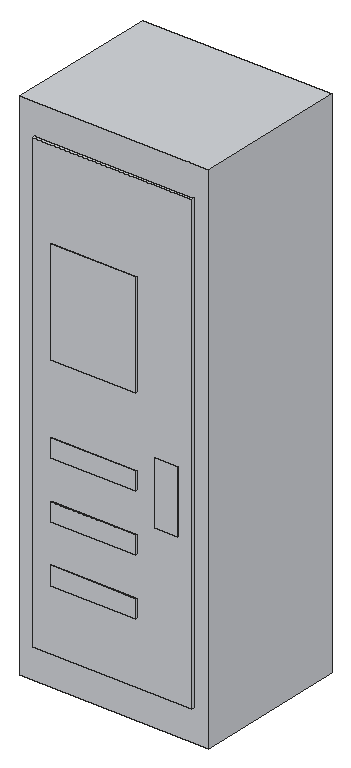
Revit family "GIS_ProtectionPanel", category Equipamento elétrico, Revit 2027
Family settings
  Configuração do painel = Duas colunas, circuitos transversais
  Cota do conector redondo = Utilizar diâmetro
  Tipo de parte = Painel de controle
  Com base no plano de trabalho = Não
  Sempre na vertical = Sim
  Corte com vazios quando carregada = Não
  Manter orientação da anotação = Não
  Compartilhado = Não
  Ponto de cálculo do ambiente = Não
Parameters (values of type "PROTECTION_PANEL_125VDC_STUDY")
  Default Elevation = 0 mm
  built-in parameter 1140142 [instance] = (empty or 0)
  built-in parameter 1140140 [instance] = 1 (stored number, unit not read)
  BIM_TensaoSecundaria_kV = 0
  BIM_TensaoNominal_kV = 0.125
  BIM_TensaoClasse_kV = 0.125
  BIM_TensaoClasseSecundaria_kV = 0
  BIM_Sistema_Elemento [instance] = ""
  BIM_ReferenciaCatalogo = "Portfolio study assumption: 125 V DC control supply; panel design and utility philosophy pending"
  BIM_Profundidade = 650 mm
  BIM_Potencia_MVA = 0
  BIM_Localizacao [instance] = ""
  BIM_Largura = 800 mm
  BIM_Impedancia_pu = 0
  BIM_FonteGeometria = "Portfolio study assumption: 125 V DC control supply; panel design and utility philosophy pending"
  BIM_Fabricante = "NAO SELECIONADO"
  BIM_EstadoGeometria = "ESTIMATED"
  BIM_EstadoEspecificacao = "PREMISSA / NAO SELECIONADO"
  BIM_DescricaoEstudo = "Painel de protecao, controle e supervisao; 125 Vcc e premissa, IEDs e arquitetura funcionais pendentes."
  BIM_CorrenteReferenciaSecundaria_A = 0
  BIM_CorrenteNominal_A = 0
  BIM_Bay [instance] = ""
  BIM_AlturaCorpoPrincipal = 2200 mm
  BIM_Altura = 2200 mm
  built-in parameter 1155100 [instance] = (empty or 0)
Reference planes
  plane 1 "Centro (Frente/Trás)": y = 0
  plane 2: z = 0
  plane 3 "Centro (Esquerda/Direita)": x = 0
  plane 4 "BIM Left": x = -400
  plane 5 "BIM Right": x = 400
  plane 6 "BIM Front": y = -325
  plane 7 "BIM Back": y = 325
Forms (mm)
  Extrusion 1, solid
    sketch origin (0, 0, 0) x (1, 0, 0) y (0, 1, 0)
      loop
        line (-400, -325) -> (400, -325) -> (400, 325) -> (-400, 325) -> (-400, -325)
    from 0 to 2200 <- "BIM_AlturaCorpoPrincipal"
  Extrusion 2, solid
    sketch origin (0, 0, 132) x (1, 0, 0) y (0, 1, 0)
      loop
        line (-336, -337.192) -> (336, -337.192) -> (336, -325) -> (-336, -325) -> (-336, -337.192)
    from 0 to 1936
  Extrusion 3, solid
    sketch origin (0, 0, 1254) x (1, 0, 0) y (0, 1, 0)
      loop
        line (-256, -343.288) -> (104, -343.288) -> (104, -325) -> (-256, -325) -> (-256, -343.288)
    from 0 to 440
  Extrusion 4, solid
    sketch origin (0, 0, 396) x (1, 0, 0) y (0, 1, 0)
      loop
        line (-256, -341.764) -> (104, -341.764) -> (104, -325) -> (-256, -325) -> (-256, -341.764)
    from 0 to 77
  Extrusion 5, solid
    sketch origin (0, 0, 638) x (1, 0, 0) y (0, 1, 0)
      loop
        line (-256, -341.764) -> (104, -341.764) -> (104, -325) -> (-256, -325) -> (-256, -341.764)
    from 0 to 77
  Extrusion 6, solid
    sketch origin (0, 0, 880) x (1, 0, 0) y (0, 1, 0)
      loop
        line (-256, -341.764) -> (104, -341.764) -> (104, -325) -> (-256, -325) -> (-256, -341.764)
    from 0 to 77
  Extrusion 7, solid
    sketch origin (0, 0, 770) x (1, 0, 0) y (0, 1, 0)
      loop
        line (184, -341.764) -> (280, -341.764) -> (280, -325) -> (184, -325) -> (184, -341.764)
    from 0 to 264
Dimensions and locks
  "BIM_Largura": plane 4 "BIM Left" to plane 5 "BIM Right"
  "BIM_Profundidade": plane 6 "BIM Front" to plane 7 "BIM Back"
  aligned and locked: level to plane 2
  aligned and locked: plane 4 "BIM Left" to Extrusion 1
  aligned and locked: Extrusion 1 to plane 5 "BIM Right"
  aligned and locked: Extrusion 1 to plane 6 "BIM Front"
  aligned and locked: plane 7 "BIM Back" to Extrusion 1
Automatic sketch dimensions
  Extrusion 1 sketch curve to plane 4 "BIM Left" = 0 mm
  Extrusion 1 sketch curve to plane 5 "BIM Right" = 0 mm
  Extrusion 1 sketch curve to plane 6 "BIM Front" = 0 mm
  Extrusion 1 sketch curve to plane 7 "BIM Back" = 0 mm
  Extrusion 2 sketch curve to plane 6 "BIM Front" = 0 mm
  Extrusion 2 sketch curve to plane 6 "BIM Front" = 12.192 mm
  Extrusion 2 sketch curve to plane 4 "BIM Left" = 64 mm
  plane 5 "BIM Right" to Extrusion 2 sketch curve = 64 mm
  Extrusion 3 sketch curve to plane 6 "BIM Front" = 0 mm
  Extrusion 3 sketch curve to plane 6 "BIM Front" = 18.288 mm
  Extrusion 3 sketch curve to plane 4 "BIM Left" = 144 mm
  plane 3 "Centro (Esquerda/Direita)" to Extrusion 3 sketch curve = 104 mm
  Extrusion 4 sketch curve to plane 6 "BIM Front" = 0 mm
  Extrusion 4 sketch curve to plane 6 "BIM Front" = 16.764 mm
  Extrusion 4 sketch curve to plane 4 "BIM Left" = 144 mm
  plane 3 "Centro (Esquerda/Direita)" to Extrusion 4 sketch curve = 104 mm
  Extrusion 5 sketch curve to plane 6 "BIM Front" = 0 mm
  Extrusion 5 sketch curve to plane 6 "BIM Front" = 16.764 mm
  Extrusion 5 sketch curve to plane 4 "BIM Left" = 144 mm
  plane 3 "Centro (Esquerda/Direita)" to Extrusion 5 sketch curve = 104 mm
  Extrusion 6 sketch curve to plane 6 "BIM Front" = 0 mm
  Extrusion 6 sketch curve to plane 6 "BIM Front" = 16.764 mm
  Extrusion 6 sketch curve to plane 4 "BIM Left" = 144 mm
  plane 3 "Centro (Esquerda/Direita)" to Extrusion 6 sketch curve = 104 mm
  Extrusion 7 sketch curve to plane 6 "BIM Front" = 0 mm
  Extrusion 7 sketch curve to plane 6 "BIM Front" = 16.764 mm
  plane 3 "Centro (Esquerda/Direita)" to Extrusion 7 sketch curve = 184 mm
  Extrusion 7 sketch curve to Extrusion 7 sketch curve = 96 mm
Connectors
  electrical at (-400, 0, 1100)
    settings: on Extrusion 1, index 1, voltage 220 V, apparent load 0 VA, apparent load phase1 0 VA, apparent load phase2 0 VA, apparent load phase3 0 VA, power factor 0.9, load classification "Power", number of poles 1, system type 6, power factor state 1, is connector primary yes, connector utility no, sub classification motor no, connector description "Entrada auxiliar monofasica 220 Vca fase-neutro (hipotese 380Y/220 V); 150 W e FP 0.90 sao hipoteses, mas a carga nao foi calculada pelo Revit; circuito nao sera criado sem calculo nativo."
